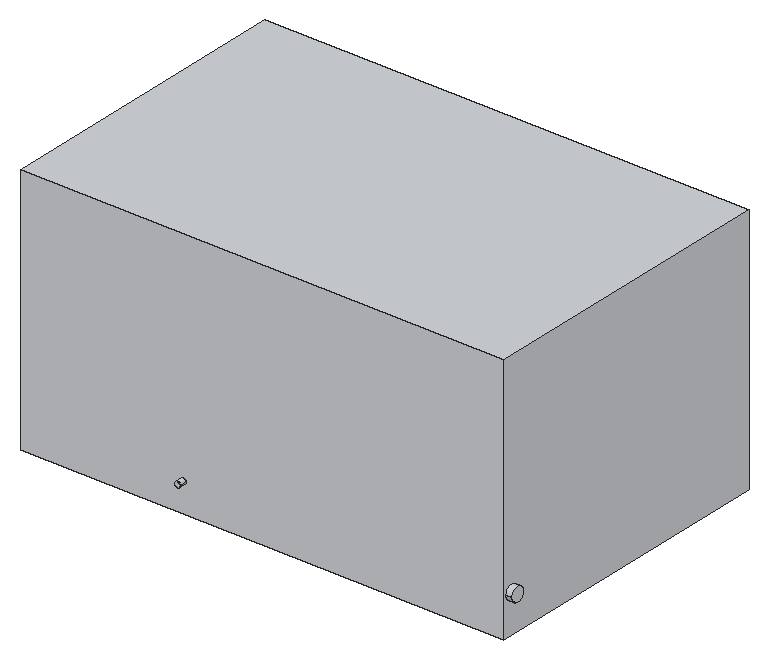
Revit family "M_Unidades AC da cobertura - Elétrico - 11-88 kW", category Equipamento mecânico, Revit 2019
Family settings
  Cota do conector redondo = Usar raio
  Tipo de parte = Normal
  Número OmniClass = 23.75.10.24.21.27.14
  Título OmniClass = Packaged Rooftop Air Conditioning Units
  ID de item do Seek = Rooftop AC Units - Electric - 11-88 kW-0000-CAN-ENU
  Com base no plano de trabalho = Não
  Sempre na vertical = Sim
  Corte com vazios quando carregada = Não
  Compartilhado = Não
  Ponto de cálculo do ambiente = Não
Parameters (values of type "11 kW")
  Voltagem = 480 V
  Visibilidade 1 = yes
  Visibilidade 2 = no
  Largura da unidade = 1124 mm
  Comprimento da unidade = 1774.8 mm
  Altura da unidade = 920.8 mm
  Largura de saída do ar de fornecimento = 400 mm
  Altura de saída do ar de fornecimento = 400 mm
  Classificação de carga = Refrigeração
  Fluxo da drenagem [instance] = 0.0 L/s
  Fluxo de ar [instance] = 679.6 L/s
  Largura da saída do ar de retorno = 350 mm
  Altura da saída do ar de retorno = 600 mm
  Raio 4 = 0.2 * Raio do ventilador  # 44.96 mm
  Raio 3 = 0.4 * Raio do ventilador  # 89.92 mm
  Raio 2 = 0.6 * Raio do ventilador  # 134.88 mm
  Raio 1 = 0.8 * Raio do ventilador  # 179.84 mm
  Número de pólos = 3
  Material da unidade = none
  Entrada do aquecimento = 17400 W
  Raio do ventilador = 0.2 * Largura da unidade  # 224.8 mm
  Raio da drenagem = 10 mm
  Diâmetro da drenagem = Raio da drenagem * 2  # 20 mm
  Comprimento 1 = Raio do ventilador + 127 mm  # 351.8 mm
  Distância = 235 mm
  C5 Deslocamento 2 = 142.9 mm
  C5 Deslocamento 1 = 33.3 mm
  C4 Deslocamento 1 = 598.5 mm
  C3 Deslocamento 2 = 108 mm
  C3 Deslocamento 1 = 1073.2 mm
  C2 Deslocamento 2 = 101.6 mm
  C2 Deslocamento 1 = 92.1 mm
  Carga aparente = 19465.9 VA
  Queda de pressão do ar [instance] = 85.35 Pa
Types (13, lengths in mm): name | Visibilidade 1 | Visibilidade 2 | Largura da unidade | Comprimento da unidade | Altura da unidade | Largura de saída do ar de fornecimento | Altura de saída do ar de fornecimento | Fluxo de ar | Largura da saída do ar de retorno | Altura da saída do ar de retorno | Raio 4 | Raio 3 | Raio 2 | Raio 1 | Entrada do aquecimento | Raio do ventilador | Raio da drenagem | Diâmetro da drenagem | Comprimento 1 | Distância | C5 Deslocamento 2 | C5 Deslocamento 1 | C4 Deslocamento 1 | C3 Deslocamento 2 | C3 Deslocamento 1 | C2 Deslocamento 2 | C2 Deslocamento 1 | Carga aparente | Queda de pressão do ar
  (no name) | yes | no | 1124 | 1774.8 | 920.8 | 400 | 400 | 679.6 L/s | 350 | 600 | 44.96 | 89.92 | 134.88 | 179.84 | 17400 W | 224.8 | 10 | 20 | 351.8 | 235 | 142.9 | 33.3 | 598.5 | 108 | 1073.2 | 101.6 | 92.1 | 19465.9 VA | 85.35 Pa
  11 kW | yes | no | 1124 | 1774.8 | 920.8 | 400 | 400 | 679.6 L/s | 350 | 600 | 44.96 | 89.92 | 134.88 | 179.84 | 17400 W | 224.8 | 10 | 20 | 351.8 | 235 | 142.9 | 33.3 | 598.5 | 108 | 1073.2 | 101.6 | 92.1 | 19465.9 VA | 85.35 Pa
  14 kW | yes | no | 1124 | 1774.8 | 920.8 | 400 | 400 | 906.14 L/s | 350 | 600 | 44.96 | 89.92 | 134.88 | 179.84 | 17400 W | 224.8 | 10 | 20 | 351.8 | 235 | 142.9 | 33.3 | 598.5 | 108 | 1073.2 | 101.6 | 92.1 | 20048.2 VA | 148.56 Pa
  18 kW | yes | no | 1124 | 1774.8 | 920.8 | 400 | 400 | 1132.67 L/s | 350 | 600 | 44.96 | 89.92 | 134.88 | 179.84 | 23000 W | 224.8 | 10 | 20 | 351.8 | 235 | 142.9 | 33.3 | 598.5 | 108 | 1073.2 | 101.6 | 92.1 | 28634.4 VA | 211.51 Pa
  21 kW | yes | no | 1352.6 | 2251.1 | 1038.2 | 450 | 850 | 1359.21 L/s | 450 | 800 | 54.104 | 108.208 | 162.312 | 216.416 | 36000 W | 270.52 | 10 | 20 | 397.52 | 250.8 | 142.9 | 34.9 | 701.7 | 108 | 1216 | 101.6 | 92.1 | 40194.5 VA | 144.82 Pa
  26 kW | yes | no | 1352.6 | 2251.1 | 1038.2 | 450 | 850 | 1699.01 L/s | 450 | 800 | 54.104 | 108.208 | 162.312 | 216.416 | 36000 W | 270.52 | 10 | 20 | 397.52 | 250.8 | 142.9 | 34.9 | 701.7 | 108 | 1216 | 101.6 | 92.1 | 41133.5 VA | 183.15 Pa
  30 kW | yes | no | 1352.6 | 2251.1 | 1190.6 | 450 | 850 | 1925.55 L/s | 450 | 800 | 54.104 | 108.208 | 162.312 | 216.416 | 36000 W | 270.52 | 10 | 20 | 397.52 | 250.8 | 142.9 | 34.9 | 701.7 | 108 | 1216 | 101.6 | 92.1 | 41415.3 VA | 233.66 Pa
  35 kW | yes | no | 1352.6 | 2251.1 | 1190.6 | 450 | 850 | 2265.35 L/s | 450 | 800 | 54.104 | 108.208 | 162.312 | 216.416 | 54000 W | 270.52 | 10 | 20 | 397.52 | 250.8 | 142.9 | 34.9 | 701.7 | 108 | 1216 | 101.6 | 92.1 | 60103.9 VA | 293.88 Pa
  44 kW | no | yes | 1798.6 | 2709.9 | 1273.2 | 650 | 1400 | 2831.68 L/s | 475 | 1600 | 71.944 | 143.888 | 215.832 | 287.776 | 54000 W | 359.72 | 15 | 30 | 486.72 | 571.5 | 212.7 | 68.3 | 727.1 | 168.3 | 1228.7 | 108 | 108 | 61449.9 VA | 191.61 Pa
  53 kW | no | yes | 1798.6 | 2709.9 | 1273.2 | 650 | 1400 | 3398.02 L/s | 475 | 1600 | 71.944 | 143.888 | 215.832 | 287.776 | 54000 W | 359.72 | 15 | 30 | 486.72 | 571.5 | 212.7 | 68.3 | 727.1 | 168.3 | 1228.7 | 108 | 108 | 62952.4 VA | 169.21 Pa
  62 kW | no | yes | 1798.6 | 2709.9 | 1273.2 | 650 | 1400 | 3964.36 L/s | 475 | 1600 | 71.944 | 143.888 | 215.832 | 287.776 | 54000 W | 359.72 | 15 | 30 | 486.72 | 571.5 | 212.7 | 68.3 | 727.1 | 168.3 | 1228.7 | 108 | 108 | 64454.9 VA | 209.03 Pa
  70 kW | no | yes | 2138.4 | 3090.9 | 1371.6 | 650 | 1750 | 4530.7 L/s | 500 | 1950 | 85.536 | 171.072 | 256.608 | 342.144 | 72000 W | 427.68 | 15 | 30 | 554.68 | 730.3 | 227 | 68.3 | 914.4 | 173 | 1422.4 | 108 | 108 | 84270.4 VA | 261.28 Pa
  88 kW | no | yes | 2138.4 | 3090.9 | 1371.6 | 650 | 1750 | 5191.42 L/s | 500 | 1950 | 85.536 | 171.072 | 256.608 | 342.144 | 72000 W | 427.68 | 15 | 30 | 554.68 | 730.3 | 227 | 68.3 | 914.4 | 173 | 1422.4 | 108 | 108 | 85146.9 VA | 343.4 Pa
Reference planes
  plane 1 "Centro (Frente/Trás)": y = 0
  plane 2: z = 0
  plane 3 "Centro (Esquerda/Direita)": x = 0
  plane 4: x = -1774.8
  plane 5 "Altura da unidade": z = 920.8
  plane 6: y = 1124
  plane 7: z = 108
  plane 8: x = -701.6
  plane 9: y = 1022.4
  plane 10: x = -1682.7
  plane 11: x = -1332.7
  plane 12: y = 422.4
  plane 13: x = -1097.7
  plane 14: x = -697.7
  plane 15: y = 622.4
  plane 16: z = 142.9
  plane 17: y = 33.3
  plane 18: y = 843
  plane 19: x = -351.8
  plane 20: x = -1176.3
  plane 21: y = 281
  plane 22: y = 562
Forms (mm)
  Extrusion 1, solid, material <- "Material da unidade"
    sketch origin (0, 0, 0) x (1, 0, 0) y (0, 1, 0)
      loop
        line (-1774.8, 1124) -> (-1774.8, 0) -> (0, 0) -> (0, 1124) -> (-1774.8, 1124)
    from 0 to 920.8
  Extrusion 2, void
    sketch origin (0, 0, 0) x (1, 0, 0) y (0, 1, 0)
      loop
        line (-1682.7, 1022.4) -> (-1682.7, 422.4) -> (-1332.7, 422.4) -> (-1332.7, 1022.4) -> (-1682.7, 1022.4)
      loop
        line (-1097.7, 1022.4) -> (-1097.7, 622.4) -> (-697.7, 622.4) -> (-697.7, 1022.4) -> (-1097.7, 1022.4)
    from 0 to 107.95
  Extrusion 3, solid, material <- "Material da unidade"
    sketch origin (0, 0, 0) x (0, 1, 0) y (0, 0, 1)
      loop
        circle (33.3, 142.9) r 25.4
    from 0 to 25.4
  Extrusion 4, solid, material <- "Material da unidade"
    sketch origin (0, 0, 0) x (1, 0, 0) y (0, 0, 1)
      loop
        circle (-1176.3, 108) r 10
    from 0 to 25.572
Cuts and joins
  Extrusion 2 cuts Extrusion 1
  joined: Extrusion 1, Extrusion 3, Extrusion 4
Lines and regions (mm)
  model lines, visible <- "Visibilidade 2"
    curve 1: circle (-351.8, 843, 920.8) r 224.8 normal (0, 0, 1)
    curve 2: circle (-351.8, 843, 920.8) r 179.84 normal (0, 0, 1)
    curve 3: circle (-351.8, 843, 920.8) r 134.88 normal (0, 0, 1)
    curve 4: circle (-351.8, 843, 920.8) r 89.92 normal (0, 0, 1)
    curve 5: circle (-351.8, 843, 920.8) r 44.96 normal (0, 0, 1)
    curve 6: circle (-351.8, 281, 920.8) r 224.8 normal (0, 0, 1)
    curve 7: circle (-351.8, 281, 920.8) r 179.84 normal (0, 0, 1)
    curve 8: circle (-351.8, 281, 920.8) r 134.88 normal (0, 0, 1)
    curve 9: circle (-351.8, 281, 920.8) r 89.92 normal (0, 0, 1)
    curve 10: circle (-351.8, 281, 920.8) r 44.96 normal (0, 0, 1)
  model lines, visible <- "Visibilidade 1"
    curve 11: circle (-351.8, 562, 920.8) r 224.8 normal (0, 0, 1)
    curve 12: circle (-351.8, 562, 920.8) r 179.84 normal (0, 0, 1)
    curve 13: circle (-351.8, 562, 920.8) r 134.88 normal (0, 0, 1)
    curve 14: circle (-351.8, 562, 920.8) r 89.92 normal (0, 0, 1)
    curve 15: circle (-351.8, 562, 920.8) r 44.96 normal (0, 0, 1)
Dimensions and locks
  "Altura da unidade": plane 5 "Altura da unidade" to plane 2
  "Comprimento da unidade": plane 4 to plane 3 "Centro (Esquerda/Direita)"
  "Largura da unidade": plane 6 to plane 1 "Centro (Frente/Trás)"
  "C3 Deslocamento 2": plane 7 to plane 2
  "C3 Deslocamento 1": plane 8 to plane 4
  "C2 Deslocamento 2": plane 6 to plane 9
  "C2 Deslocamento 1": plane 4 to plane 10
  "Altura da saída do ar de retorno": plane 9 to plane 12
  "Largura da saída do ar de retorno": plane 10 to plane 11
  "Distância": plane 11 to plane 13
  "Largura de saída do ar de fornecimento": plane 13 to plane 14
  "Altura de saída do ar de fornecimento": plane 9 to plane 15
  "C5 Deslocamento 2": plane 16 to plane 2
  "C5 Deslocamento 1": plane 17 to plane 1 "Centro (Frente/Trás)"
  locked: Extrusion 3 to plane 3 "Centro (Esquerda/Direita)" at 25.4
  "Comprimento 1": plane 19 to plane 3 "Centro (Esquerda/Direita)"
  "C4 Deslocamento 1": plane 20 to plane 4
  locked: Extrusion 4 to plane 1 "Centro (Frente/Trás)" at 25.572
  locked: cut or joined group of Extrusion 1, Extrusion 2, Extrusion 3, Extrusion 4 to plane 2 at 107.95
  equal spacing: plane 6, plane 22, plane 1 "Centro (Frente/Trás)"
  equal spacing: plane 6, plane 18, plane 22
  equal spacing: plane 1 "Centro (Frente/Trás)", plane 21, plane 22
  radius of Extrusion 3 sketch curve = 25.4 mm
  "Raio do ventilador": radius of curve 1
  "Raio 1": radius of curve 2
  "Raio 2": radius of curve 3
  "Raio 3": radius of curve 4
  "Raio 4": radius of curve 5
  "Raio da drenagem": radius of Extrusion 4 sketch curve
  "Raio do ventilador": radius of curve 6
  "Raio 1": radius of curve 7
  "Raio 2": radius of curve 8
  "Raio 3": radius of curve 9
  "Raio 4": radius of curve 10
  "Raio 4": radius of curve 15
  "Raio 3": radius of curve 14
  "Raio 2": radius of curve 13
  "Raio 1": radius of curve 12
  "Raio do ventilador": radius of curve 11
  aligned and locked: plane 4 to Extrusion 1 sketch curve
  aligned and locked: Extrusion 1 sketch curve to plane 6
  aligned and locked: plane 1 "Centro (Frente/Trás)" to Extrusion 1 sketch curve
  aligned and locked: Extrusion 1 sketch curve to plane 3 "Centro (Esquerda/Direita)"
  aligned and locked: plane 5 "Altura da unidade" to Extrusion 1
  aligned and locked: Extrusion 1 to plane 2
  aligned and locked: plane 10 to Extrusion 2 sketch curve
  aligned and locked: Extrusion 2 sketch curve to plane 9  (x2)
  aligned and locked: plane 12 to Extrusion 2 sketch curve
  aligned and locked: Extrusion 2 sketch curve to plane 11
  aligned and locked: plane 13 to Extrusion 2 sketch curve
  aligned and locked: plane 15 to Extrusion 2 sketch curve
  aligned and locked: Extrusion 2 sketch curve to plane 14
  aligned and locked: cut or joined group of Extrusion 1, Extrusion 2, Extrusion 3, Extrusion 4 to plane 2
  aligned and locked: plane 17 to Extrusion 3 sketch curve
  aligned and locked: plane 16 to Extrusion 3 sketch curve
  aligned and locked: Extrusion 3 to plane 3 "Centro (Esquerda/Direita)"
  aligned and locked: plane 19 to curve 1
  aligned and locked: plane 18 to curve 1
  aligned and locked: plane 19 to curve 2
  aligned and locked: plane 18 to curve 2
  aligned and locked: plane 19 to curve 3
  aligned and locked: plane 18 to curve 3
  aligned and locked: plane 19 to curve 4
  aligned and locked: plane 18 to curve 4
  aligned and locked: plane 19 to curve 5
  aligned and locked: plane 18 to curve 5
  aligned and locked: plane 20 to Extrusion 4 sketch curve
  aligned and locked: plane 7 to Extrusion 4 sketch curve
  aligned and locked: plane 19 to curve 10
  aligned and locked: plane 21 to curve 10
  aligned and locked: plane 19 to curve 9
  aligned and locked: plane 21 to curve 9
  aligned and locked: plane 19 to curve 8
  aligned and locked: plane 21 to curve 8
  aligned and locked: plane 19 to curve 7
  aligned and locked: plane 21 to curve 7
  aligned and locked: plane 19 to curve 6
  aligned and locked: plane 21 to curve 6
  aligned and locked: plane 19 to curve 15
  aligned and locked: plane 22 to curve 15
  aligned and locked: plane 19 to curve 14
  aligned and locked: plane 22 to curve 14
  aligned and locked: plane 19 to curve 13
  aligned and locked: plane 22 to curve 13
  aligned and locked: plane 19 to curve 12
  aligned and locked: plane 22 to curve 12
  aligned and locked: plane 19 to curve 11
  aligned and locked: plane 22 to curve 11
Connectors
  hvac at (-897.7, 822.4, 0), driven by "Fluxo de ar", driven by "Altura de saída do ar de fornecimento", driven by "Largura de saída do ar de fornecimento"
    settings: on cut or joined group of Extrusion 1, Extrusion 2, Extrusion 3, Extrusion 4, index 1, duct flow 679.6 L/s, flow factor 0, pres drop 0.0 Pa, loss coef 0, conn angle 0.00°, conn width 400 mm, conn height 400 mm, conn diameter 609.6 mm, duct sys type 1, conn prof type 1, flow config 0, flow direction 2, loss method 0, conn ref index 2, conn util no, is conn primary yes, conn desc ""
  hvac at (-1507.7, 722.4, 0), driven by "Fluxo de ar", driven by "Altura da saída do ar de retorno", driven by "Largura da saída do ar de retorno"
    settings: on cut or joined group of Extrusion 1, Extrusion 2, Extrusion 3, Extrusion 4, index 2, duct flow 679.6 L/s, flow factor 0, pres drop 0.0 Pa, loss coef 0, conn angle 0.00°, conn width 350 mm, conn height 600 mm, conn diameter 609.6 mm, duct sys type 2, conn prof type 1, flow config 0, flow direction 1, loss method 0, conn ref index 1, conn util no, is conn primary no, conn desc ""
  piping at (-1176.3, -25.572, 108), diameter 20, driven by "Fluxo da drenagem", driven by "Raio da drenagem"
    settings: on cut or joined group of Extrusion 1, Extrusion 2, Extrusion 3, Extrusion 4, index 3, connector inside diameter 20 mm, connector length 0 mm, flow factor 0, pipe flow 0.0 L/s, pressure drop 0.0 Pa, fitting loss kfactor 0, connector angle 0.00°, fixture units 0, engagement length 0 mm, angle of deflection 0.00°, flow configuration 1, flow direction 2, fitting loss method 0, system type 16, joint type 0, gender type 0, connector reference index -1, connector utility 0, adjustable connector yes, is connector primary yes, connector description "Saída da drenagem"
  electrical at (25.4, 33.3, 142.9), driven by "Carga aparente", driven by "Voltagem", driven by "Número de pólos", driven by "Classificação de carga"
    settings: on cut or joined group of Extrusion 1, Extrusion 2, Extrusion 3, Extrusion 4, index 4, voltage 480 V, apparent load 19465.9 VA, apparent load phase1 0 VA, apparent load phase2 0 VA, apparent load phase3 0 VA, power factor 0.8, load classification "Refrigeração", number of poles 3, system type 30, power factor state 1, is connector primary yes, connector utility no, sub classification motor no, connector description ""
